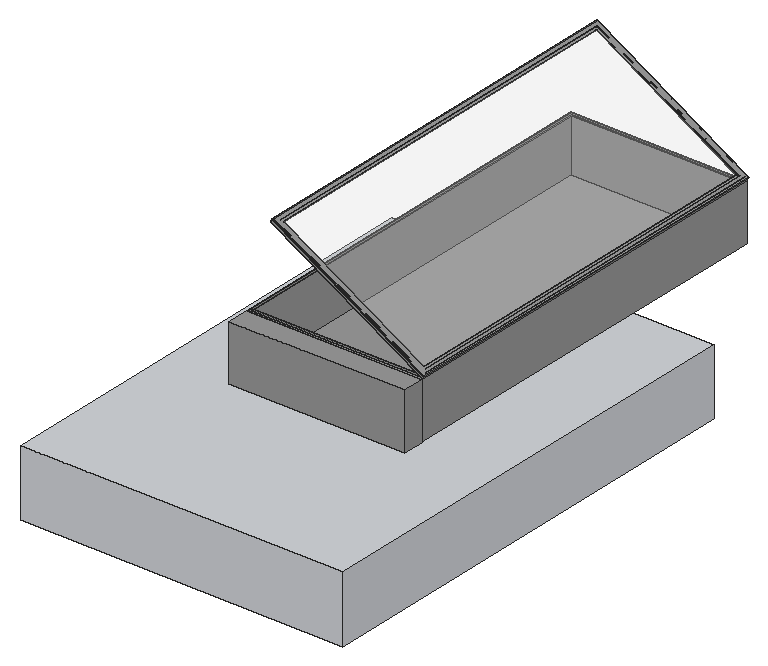
Revit family "Hager-Univers-IP55-D275-H1950-Cl.I-Steel_encl-NoHosted-AT-de", category Equipement électrique, Revit 2020
Family settings
  Hôte = Face
  Configuration du panneau = Deux colonnes, circuits au sein
  Cote de connecteur circulaire = Utiliser le diamètre
  Type d'élément = Tableau de raccordement
  Couper avec des vides une fois chargée = Non
  Partagée = Non
  Point de calcul de pièce = Non
Parameters (values of type "Bodenaufstellung IP55 B800 H1950 T275  - FR23K1")
  Width Control [instance] = if([EF000008 - Breite] > Min Width, [EF000008 - Breite], Min Width)  # 800 mm
  Commentaires du type = [HG000003 - Bereich]  # "Univers"
  Thickness Door [instance] = if([EF009171 - Materialstärke Tür/Deckel] > 3 mm, 3 mm, [EF009171 - Materialstärke Tür/Deckel])  # 1.5 mm
  Seal Frame Offset [instance] = 17 mm  # constant formula
  Plinth Visibility [instance] = [HG000027 - Sockelhöhe] > 0 mm  # yes
  Model = ""
  Min Width [instance] = 100 mm  # constant formula
  Min Height [instance] = 100 mm  # constant formula
  Min Depth [instance] = (2 * [EF009170 - Materialstärke Gehäuse]) + 1 mm  # 4 mm
  Internal Frame Depth [instance] = (Door System Depth * 0.5)  # 9 mm
  Height Control [instance] = if([EF000040 - Höhe] > Min Height, [EF000040 - Höhe], Min Height)  # 1950 mm
  HG000027 - Sockelhöhe = 100 mm
  HG000026 - Stehend auf dem Boden = yes
  HG000024 - Höhe des unteren Teils = 800 mm
  HG000023 - Gehäuse mit doppeltem Querschnitt = no
  HG000016 - 3D-Türsichtbarkeit [instance] = yes
  HG000015 - Sichtbarkeit der Türöffnung [instance] = no
  HG000014 - Tür rechts [instance] = yes
  HG000013 - Tür links [instance] = not([HG000014 - Tür rechts])  # no
  HG000012 - Türschwenkwinkel [instance] = 30.00°
  HG000010 - Asymmetrische Türen = no
  HG000009 - Doppelflügeligen Tür = no
  HG000006 - Unterputz = no
  HG000004 - Herstellerreferenz = "FR23K1"
  HG000003 - Bereich = "Univers"
  HG000002 - Mit tür = yes
  Frame Offset Bottom [instance] = 10 mm  # constant formula
  Frame Offset [instance] = 15 mm  # constant formula
  EF015940 - Deckel mit Überdruckentlastung = no
  EF011959 - Schutzart (NEMA) = ""
  EF009554 - Anzahl der Öffnungen für Flanschplatten = 6
  Fabricant = "Hager"  # constant formula
  EF009212 - Ausführung Deckel = "EV000116 - geschlossen"
  EF009171 - Materialstärke Tür/Deckel = 1.5 mm
  EF009170 - Materialstärke Gehäuse = 1.5 mm
  EF008873 - Nennstrom (In) = 800 A
  EF007800 - Geeignet für Blitzschutz = no
  EF006306 - Mit Schloss = no
  EF006244 - Transparenter Deckel/Tür = yes
  EF005474 - Schutzart (IP) = "EV006420 - IP55"
  EF004464 - Art der Tür = "EV002646 - Einzel"
  EF004427 - Anzahl der Module = 432
  EF004293 - Schlagfestigkeit = "EV008784 - IK10"
  EF003532 - Geeignet für Außengebrauch = no
  EF002950 - Breite in Teilungseinheiten = 24
  EF001613 - Funktionserhalt = "EV000494 - ohne"
  EF001596 - Werkstoff des Gehäuses = "EV000179 - Stahl"
  EF001131 - Innentiefe = 275 mm
  EF001088 - Anbaumöglichkeit = yes
  EF000437 - Anzahl der Leitungseinführungen = 6
  EF000339 - Art der Abdeckung = "EV004216 - Tür"
  EF000266 - Anzahl der Reihen = 12
  EF000218 - Einbautiefe = 0 mm
  EF000118 - Mit Montageplatte = no
  EF000116 - RAL-Nummer = "7035"
  EF000049 - Tiefe = 275 mm
  EF000040 - Höhe = 1950 mm
  EF000008 - Breite = 800 mm
  EF000007 - Farbe = "EV000270 - grau"
  EF000003 - Montageart = "EV012274 - Bodenaufstellung"
  Door System Leaf Tolerance [instance] = 1.5 mm  # constant formula
  Door System Depth [instance] = 18 mm  # constant formula
  Door Height [instance] = Height Control - [HG000027 - Sockelhöhe]  # 1850 mm
  Depth Control [instance] = if([EF000049 - Tiefe] > Min Depth, [EF000049 - Tiefe], Min Depth)  # 275 mm
  Default Elevation = 0 mm
  Connector Offset [instance] = Height Control / 2  # 975 mm
  Bottom Top Plate Trim [instance] = 1.5 mm  # constant formula
  Plinth height Ctrl [instance] = if([HG000027 - Sockelhöhe] > 0 mm, [HG000027 - Sockelhöhe], 12 mm)  # 100 mm
Types (11, lengths in mm): name | Width Control | HG000010 - Asymmetrische Türen | HG000009 - Doppelflügeligen Tür | HG000004 - Herstellerreferenz | EF009554 - Anzahl der Öffnungen für Flanschplatten | EF006244 - Transparenter Deckel/Tür | EF004464 - Art der Tür | EF004427 - Anzahl der Module | EF000437 - Anzahl der Leitungseinführungen | EF000008 - Breite
  Bodenaufstellung IP55 B1050 H1950 T275  - FR24E1 | 1050 | yes | yes | "FR24E1" | 8 | no | "EV003602 - Doppel" | 576 | 8 | 1050
  Bodenaufstellung IP55 B1050 H1950 T275  - FR24K1 | 1050 | yes | yes | "FR24K1" | 8 | yes | "EV003602 - Doppel" | 576 | 8 | 1050
  Bodenaufstellung IP55 B1300 H1950 T275  - FR25E1 | 1300 | yes | yes | "FR25E1" | 10 | no | "EV003602 - Doppel" | 720 | 10 | 1300
  Bodenaufstellung IP55 B1300 H1950 T275  - FR25K1 | 1300 | yes | yes | "FR25K1" | 10 | yes | "EV003602 - Doppel" | 720 | 10 | 1300
  Bodenaufstellung IP55 B1550 H1950 T275  - FR26E1 | 1550 | yes | yes | "FR26E1" | 12 | no | "EV003602 - Doppel" | 864 | 12 | 1550
  Bodenaufstellung IP55 B1550 H1950 T275  - FR26K1 | 1550 | yes | yes | "FR26K1" | 12 | yes | "EV003602 - Doppel" | 864 | 12 | 1550
  Bodenaufstellung IP55 B300 H1950 T275  - FR21E1 | 300 | no | no | "FR21E1" | 2 | no | "EV002646 - Einzel" | 144 | 2 | 300
  Bodenaufstellung IP55 B550 H1950 T275  - FR22E1 | 550 | no | no | "FR22E1" | 4 | no | "EV002646 - Einzel" | 288 | 4 | 550
  Bodenaufstellung IP55 B550 H1950 T275  - FR22K1 | 550 | no | no | "FR22K1" | 4 | yes | "EV002646 - Einzel" | 288 | 4 | 550
  Bodenaufstellung IP55 B800 H1950 T275  - FR23E1 | 800 | no | no | "FR23E1" | 6 | no | "EV002646 - Einzel" | 432 | 6 | 800
  Bodenaufstellung IP55 B800 H1950 T275  - FR23K1 | 800 | no | no | "FR23K1" | 6 | yes | "EV002646 - Einzel" | 432 | 6 | 800
Reference planes
  plane 1 "Center (Front/Back)": y = 0
  plane 2: z = 0
  plane 3 "Center (Left/Right)": x = 0
  plane 4: z = 275
  plane 5: y = 101.5
  plane 6: y = 1025
  plane 7: y = 100
  plane 8: y = 1950
  plane 9: z = 0
  plane 10: x = -385
  plane 11: x = 385
  plane 12: x = 383.5
  plane 13: x = -383.5
  plane 14: y = 1948.5
  plane 15: x = -383
  plane 16: x = -400
  plane 17: x = 383
  plane 18: x = 400
  plane 19: x = 398.5
  plane 20: x = -398.5
  plane 21: y = 111.5
  plane 22: y = 1950
  plane 23: y = 1933.5
  plane 24: z = 257
  plane 25: z = 1.5
  plane 26: z = 255.5
  plane 27: z = 273.5
Forms (mm)
  Extrusion 1, solid
    sketch origin (0, 0, 0) x (1, 0, 0) y (0, 1, 0)
      loop
        line (-702.964, 1305) -> (-702.964, -811.445) -> (766.763, -811.445) -> (766.763, 1305) -> (-702.964, 1305)
    from 0 to -304.8
  Extrusion 2, solid, material "Hager_Steel_RAL7035_Light_Grey", visible <- "Plinth Visibility", detail levels medium+fine
    sketch origin (0, 0, 0) x (1, 0, 0) y (0, 1, 0)
      loop
        line (-400, 0) -> (400, 0) -> (400, 100) -> (-400, 100) -> (-400, 0)
    from 0 to 257
  Extrusion 3, solid, material "Hager_Steel_RAL7035_Light_Grey", detail levels medium+fine
    sketch origin (0, 0, 0) x (1, 0, 0) y (0, 1, 0)
      loop
        line (-400, 100) -> (400, 100) -> (400, 1950) -> (-400, 1950) -> (-400, 100)
    from 0 to 257
  Extrusion 4, void
    sketch origin (0, 0, 0) x (1, 0, 0) y (0, 1, 0)
      loop
        line (-398.5, 101.5) -> (398.5, 101.5) -> (398.5, 1948.5) -> (-398.5, 1948.5) -> (-398.5, 101.5)
    from 1.5 to 255.5
  Extrusion 5, void
    sketch origin (-381.607, -4572, 257) x (0, -1, 0) y (-1, 0, 0)
      loop
        line (-4683.5, 1.893) -> (-6505.5, 1.893) -> (-6505.5, -765.107) -> (-4683.5, -765.107) -> (-4683.5, 1.893)
    from 0 to 1.5 <- "EF009170 - Materialstärke Gehäuse"
  Extrusion 6, solid, material "Hager_Steel_RAL7035_Light_Grey", detail levels fine
    sketch origin (0, 0, 257) x (1, 0, 0) y (0, 1, 0)
      loop
        line (-383.5, 1933.5) -> (-383.5, 111.5) -> (383.5, 111.5) -> (383.5, 1933.5) -> (-383.5, 1933.5)
      loop
        line (-385, 110) -> (385, 110) -> (385, 1935) -> (-385, 1935) -> (-385, 110)
    from 0 to 9 <- "Internal Frame Depth"
  Extrusion 7, solid, material "Hager_Steel_RAL7035_Light_Grey", detail levels coarse
    sketch origin (0, 0, 0) x (1, 0, 0) y (0, 1, 0)
      loop
        line (-400, 0) -> (400, 0) -> (400, 1950) -> (-400, 1950) -> (-400, 0)
    from 0 to 275
  Sweep 8, void
    path in 3D
      loop
        line (-400, 100, 0) -> (400, 100, 0) -> (400, 100, 257) -> (-400, 100, 257) -> (-400, 100, 0)
    profile origin (-400, 100, 128.5) x (-1, 0, 0) y (0, -1, 0)
      loop
        line (0, 0) -> (0, 1.5) -> (-1.5, 1.5)
        arc (-1.5, 1.5) -> (-1.061, 0.439) -> (0, 0) r 1.5
Cuts and joins
  Extrusion 4, Extrusion 5 cuts Extrusion 3
  Sweep 8 cuts Extrusion 2
Lines and regions (mm)
  Masking region 1
    outline origin (0, 0, 0) x (1, 0, 0) y (0, 0, 1)
      loop
        line (-400, 275) -> (-400, 0) -> (400, 0) -> (400, 275) -> (-400, 275)
  Masking region 2, detail levels medium+fine
    outline origin (0, 140, 0) x (0, 1, 0) y (0, 0, 1)
      loop
        line (-40, 0) -> (1810, 0) -> (1810, 257) -> (-40, 257) -> (-40, 0)
  Masking region 3, not visible, detail levels medium+fine
    outline origin (0, 297.922, 0) x (0, 1, 0) y (0, 0, 1)
      loop
        line (738.578, 0) -> (778.578, 0) -> (778.578, 263.5)
        arc (778.578, 263.5) -> (775.649, 270.571) -> (768.578, 273.5) r 10
        line (768.578, 273.5) -> (738.578, 273.5) -> (738.578, 0)
  Masking region 4, detail levels coarse
    outline origin (0, 0, 180) x (0, 1, 0) y (0, 0, 1)
      loop
        line (0, -180) -> (1950, -180) -> (1950, 95) -> (0, 95) -> (0, -180)
  Masking region 5, visible <- "Plinth Visibility", detail levels medium+fine
    outline origin (0, 52.24, 12.345) x (0, 0, -1) y (0, 1, 0)
      loop
        line (10.845, 47.76) -> (-243.155, 47.76)
        arc (-243.155, 47.76) -> (-243.594, 46.699) -> (-244.655, 46.26) r 1.5
        line (-244.655, 46.26) -> (-244.655, -52.24) -> (12.345, -52.24) -> (12.345, 46.26)
        arc (12.345, 46.26) -> (11.285, 46.699) -> (10.845, 47.76) r 1.5
  Masking region 6, detail levels medium+fine
    outline origin (-381.607, -4572, 257) x (-1, 0, 0) y (0, -1, 0)
      loop
        line (18.393, -6522) -> (18.393, -4672) -> (-781.607, -4672) -> (-781.607, -6522) -> (18.393, -6522)
  Masking region 7, visible <- "Plinth Visibility", detail levels medium+fine
    outline origin (-381.607, -4727, 257) x (-1, 0, 0) y (0, -1, 0)
      loop
        arc (16.893, -4827) -> (17.332, -4825.939) -> (18.393, -4825.5) r 1.5
        line (18.393, -4825.5) -> (18.393, -4727) -> (-781.607, -4727) -> (-781.607, -4825.5)
        arc (-781.607, -4825.5) -> (-780.546, -4825.939) -> (-780.107, -4827) r 1.5
        line (-780.107, -4827) -> (16.893, -4827)
  Masking region 8, detail levels coarse
    outline origin (-442.548, -4669.526, 257) x (-1, 0, 0) y (0, -1, 0)
      loop
        line (-42.548, -6619.526) -> (-42.548, -4669.526) -> (-842.548, -4669.526) -> (-842.548, -6619.526) -> (-42.548, -6619.526)
  sketch lines
    curve 1: line (-400, 100, 257) -> (-400, 100, 0)
    curve 2: line (400, 100, 257) -> (-400, 100, 257)
    curve 3: line (400, 100, 257) -> (400, 100, 0)
    curve 4: line (-400, 100, 0) -> (400, 100, 0)
Dimensions and locks
  "Depth Control": plane 4 to Extrusion 1
  "HG000027 - Sockelhöhe": plane 1 "Center (Front/Back)" to plane 7
  "EF009170 - Materialstärke Gehäuse": plane 5 to plane 7
  locked: connector elem to plane 3 "Center (Left/Right)"
  equal spacing: plane 8, plane 6, plane 7
  locked: connector elem to plane 6
  "EF009170 - Materialstärke Gehäuse": plane 8 to plane 14
  "EF009170 - Materialstärke Gehäuse": plane 10 to plane 13
  "EF009170 - Materialstärke Gehäuse": plane 12 to plane 11
  "Frame Offset": plane 20 to plane 13
  "Frame Offset": plane 12 to plane 19
  "EF009170 - Materialstärke Gehäuse": plane 16 to plane 20
  "EF009170 - Materialstärke Gehäuse": plane 19 to plane 18
  "Seal Frame Offset": plane 16 to plane 15
  "Seal Frame Offset": plane 17 to plane 18
  "Frame Offset Bottom": plane 21 to plane 5
  "Frame Offset": plane 14 to plane 23
  equal spacing: plane 16, plane 3 "Center (Left/Right)", plane 18
  "Width Control": plane 16 to plane 18
  "EF009170 - Materialstärke Gehäuse": plane 4 to plane 27
  "EF009170 - Materialstärke Gehäuse": plane 24 to plane 26
  "EF009170 - Materialstärke Gehäuse": plane 25 to level
  "Door System Depth": plane 4 to plane 24
  "Height Control": plane 1 "Center (Front/Back)" to Extrusion 7 sketch curve
  "Height Control": Masking region 4 sketch curve to plane 1 "Center (Front/Back)"
  "Height Control": plane 1 "Center (Front/Back)" to plane 22
  "Bottom Top Plate Trim": profile plane to Sweep 8 sketch curve
  "Bottom Top Plate Trim": Sweep 8 sketch curve to profile plane
  "Plinth height Ctrl": plane 1 "Center (Front/Back)" to Extrusion 2 sketch curve
  "Plinth height Ctrl": Masking region 5 sketch curve to plane 1 "Center (Front/Back)"
  "Plinth height Ctrl": plane 1 "Center (Front/Back)" to Masking region 7 sketch curve
  "Thickness Door": Extrusion 6 sketch curve to Extrusion 6 sketch curve  (x3)
  "Thickness Door": cut or joined group of Extrusion 3, Extrusion 4, Extrusion 5 to Extrusion 6 sketch curve
  radius of Masking region 3 sketch curve = 10 mm
  "Bottom Top Plate Trim": radius of Masking region 5 sketch curve  (x2)
  "Bottom Top Plate Trim": radius of Sweep 8 sketch curve
  "Bottom Top Plate Trim": radius of Masking region 7 sketch curve  (x2)
  aligned and locked: plane 2 to Extrusion 1
  aligned and locked: level to Extrusion 1
  aligned and locked: level to Masking region 1 sketch curve
  aligned and locked: Masking region 1 sketch curve to plane 18
  aligned and locked: Masking region 1 sketch curve to plane 16
  aligned and locked: plane 7 to Masking region 2 sketch curve
  aligned and locked: level to Masking region 3 sketch curve
  aligned and locked: Masking region 3 sketch curve to plane 27
  aligned and locked: level to Masking region 2 sketch curve
  aligned and locked: plane 1 "Center (Front/Back)" to Extrusion 2 sketch curve
  aligned and locked: Extrusion 3 sketch curve to plane 7
  aligned and locked: plane 16 to Extrusion 3 sketch curve
  aligned and locked: plane 18 to Extrusion 3 sketch curve
  aligned and locked: plane 20 to Extrusion 4 sketch curve
  aligned and locked: plane 19 to Extrusion 4 sketch curve
  aligned and locked: Extrusion 4 sketch curve to plane 5
  aligned and locked: Extrusion 4 to plane 25
  aligned and locked: plane 26 to Extrusion 4
  aligned and locked: plane 24 to Extrusion 3
  aligned and locked: Extrusion 5 sketch curve to plane 21
  aligned and locked: Extrusion 5 sketch curve to plane 13
  aligned and locked: Extrusion 5 sketch curve to plane 12
  aligned and locked: plane 18 to Extrusion 7 sketch curve
  aligned and locked: plane 1 "Center (Front/Back)" to Extrusion 7 sketch curve
  aligned and locked: plane 16 to Extrusion 7 sketch curve
  aligned and locked: plane 4 to Extrusion 7
  aligned and locked: Extrusion 7 to level
  aligned and locked: level to Masking region 4 sketch curve
  aligned and locked: Masking region 4 sketch curve to plane 1 "Center (Front/Back)"
  aligned and locked: Masking region 4 sketch curve to plane 4
  aligned and locked: nested 1 to level
  aligned and locked: nested 1 to plane 16
  aligned and locked: plane 8 to Extrusion 3 sketch curve
  aligned and locked: plane 23 to Extrusion 5 sketch curve
  aligned and locked: plane 14 to Extrusion 4 sketch curve
  aligned and locked: Masking region 2 sketch curve to plane 8
  aligned and locked: level to Masking region 5 sketch curve
  aligned and locked: plane 16 to Extrusion 2 sketch curve
  aligned and locked: plane 18 to Extrusion 2 sketch curve
  aligned and locked: Masking region 5 sketch curve to plane 24
  aligned and locked: Masking region 2 sketch curve to plane 24
  aligned and locked: plane 24 to Extrusion 2
  aligned and locked: profile plane to Sweep 8 sketch curve  (x2)
  aligned and locked: Masking region 6 sketch curve to plane 18
  aligned and locked: Masking region 6 sketch curve to plane 22
  aligned and locked: Masking region 6 sketch curve to plane 16
  aligned and locked: plane 8 to plane 22
  aligned and locked: Masking region 6 sketch curve to plane 7
  aligned and locked: Masking region 7 sketch curve to plane 16
  aligned and locked: Masking region 7 sketch curve to plane 1 "Center (Front/Back)"
  aligned and locked: Masking region 7 sketch curve to plane 18
  aligned and locked: Masking region 8 sketch curve to plane 1 "Center (Front/Back)"
  aligned and locked: Masking region 8 sketch curve to plane 18
  aligned and locked: Masking region 8 sketch curve to plane 22
  aligned and locked: Masking region 8 sketch curve to plane 16
  aligned and locked: nested 2 to plane 7
  aligned and locked: plane 3 "Center (Left/Right)" to nested 2
  aligned and locked: nested 2 to plane 24
  aligned and locked: Extrusion 6 sketch curve to cut or joined group of Extrusion 3, Extrusion 4, Extrusion 5  (x4)
Automatic sketch dimensions
  Extrusion 1 sketch curve to Extrusion 1 sketch curve = 1469.727 mm
  Extrusion 1 sketch curve to Extrusion 1 sketch curve = 2116.445 mm
  Masking region 1 sketch curve to plane 4 = 0 mm
  plane 6 to Masking region 3 sketch curve = 11.5 mm
  Masking region 3 sketch curve to Masking region 3 sketch curve = 30 mm
  Masking region 5 sketch curve to plane 1 "Center (Front/Back)" = 0 mm
Nested families
  nested 1: "Hager_Enclosure_Symbol" at (-400, 0, 0) x (1, 0, 0) z (0, -1, 0), Height <- "Depth Control", Width <- "Width Control", type "Hager_Enclosure_Symbol"
    with Width_Ctrl 800 mm, Width 800 mm, Height_Ctrl 275 mm, Height 275 mm, A_Width_Int 18.047 mm, A_Width 216.562 mm, A_Height_Ctrl 240.625 mm, A_Height 240.625 mm
  nested 2: "EC000058_Univers_Door" at (0, 100, 257) x (1, 0, 0) z (0, 1, 0), Leaf_Tolerance <- "Door System Leaf Tolerance", Angle <- "HG000012 - Türschwenkwinkel", Door_Depth <- "Door System Depth", Door_Left <- "HG000013 - Tür links", Transparent <- "EF006244 - Transparenter Deckel/Tür", Assymetrical <- "HG000010 - Asymmetrische Türen", Width <- "Width Control", Clearance <- "HG000015 - Sichtbarkeit der Türöffnung", Double <- "HG000009 - Doppelflügeligen Tür", 3d_Door <- "HG000016 - 3D-Türsichtbarkeit", Lock_Visibility <- "EF006306 - Mit Schloss", Width_Ctrl <- "Width Control", Door_Right <- "HG000014 - Tür rechts", Door <- "HG000002 - Mit tür", Height <- "Door Height", Thickness <- "Thickness Door", type "EC000058_Univers_Door", detail levels medium+fine
    with min_wh 4 mm, Width_Ctrl 800 mm, Width 800 mm, Transparent yes, Thickness 1.5 mm, Seal_Material Hager_Rubber, Lock_Visibility no, Lock_Material Hager_Plastic_RAL9005_Jet_Black, Leaf_Width 800 mm, Leaf_Tolerance_External_Sides 0 mm, Leaf_Tolerance 1.5 mm, Leaf_Offset 0 mm, Leaf_Height 1847 mm, Leaf_2_Width 800 mm, Leaf_2_Offset 400 mm, Leaf_1_Width 800 mm, Leaf_1_Offset 400 mm, Height_Ctrl 1850 mm, Height 1850 mm, Glass_Material Hager_Glass, Double_Clearance_Ctrl no, Double no, Door_Right_Ctrl yes, Door_Right yes, Door_Material Hager_Steel_RAL7035_Light_Grey, Door_Left_Ctrl no, Door_Left no, Door_Depth 18 mm, Door yes, Clearance_Material Hager_Clearance, Clearance_Depth 800 mm, Clearance_Ctrl no, Clearance no, Assymetrical no, Angle 30.00°, 3d_Door yes
Connectors
  electrical at (0, 1025, 0)
    settings: on plane 9, index 1, voltage 0 V, apparent load 0 VA, apparent load phase1 0 VA, apparent load phase2 0 VA, apparent load phase3 0 VA, power factor 1, load classification "Other", number of poles 1, system type 30, power factor state 1, is connector primary yes, connector utility no, sub classification motor no, connector description ""
Definition of nested family "EC000058_Univers_Door"
  Parameters (values of type "EC000058_Univers_Door")
    min_wh [instance] = (2 * Thickness) + 1 mm  # 11 mm
    Width_Ctrl [instance] = 400 mm
    Width [instance] = 500 mm
    Transparent [instance] = yes
    Thickness [instance] = 5 mm
    Seal_Material [instance] = none
    Lock_Visibility [instance] = yes
    Lock_Material [instance] = none
    Leaf_Width [instance] = if((Width_Ctrl - 2 * Leaf_Tolerance_External_Sides) > 0 mm, (Width_Ctrl - 2 * Leaf_Tolerance_External_Sides), min_wh)  # 400 mm
    Leaf_Tolerance_External_Sides [instance] = 0 mm  # constant formula
    Leaf_Tolerance [instance] = 1.5 mm
    Leaf_Offset [instance] = 0 mm  # constant formula
    Leaf_Height [instance] = if((Height_Ctrl - 2 * Leaf_Tolerance) > 0 mm, (Height_Ctrl - 2 * Leaf_Tolerance), min_wh)  # 497 mm
    Leaf_2_Width [instance] = if(and(and(Double, Assymetrical), Door_Left), (Leaf_Width / 3) - (Leaf_Tolerance / 2), if(and(and(Double, Assymetrical), Door_Right), (Leaf_Width / 3) * 2 - (Leaf_Tolerance / 2), if(and(Double, not(Assymetrical)), (Leaf_Width / 2) - Leaf_Tolerance, Leaf_Width)))  # 400 mm
    Leaf_2_Offset [instance] = if(and(Double, Assymetrical), Leaf_2_Width / 2, if(and(Double, not(Assymetrical)), Leaf_Width / 4, Leaf_Width / 2))  # 200 mm
    Leaf_1_Width [instance] = if(and(and(Double, Assymetrical), Door_Right), (Leaf_Width / 3) - (Leaf_Tolerance / 2), if(and(and(Double, Assymetrical), Door_Left), (Width / 3) * 2 - (Leaf_Tolerance / 2), if(and(Double, not(Assymetrical)), (Leaf_Width / 2) - Leaf_Tolerance, Leaf_Width)))  # 400 mm
    Leaf_1_Offset [instance] = if(and(Double, Assymetrical), Leaf_1_Width / 2, if(and(Double, not(Assymetrical)), Leaf_Width / 4, Leaf_Width / 2))  # 200 mm
    Height_Ctrl [instance] = if(Height > min_wh, Height, min_wh)  # 500 mm
    Height [instance] = 500 mm
    Glass_Material [instance] = none
    Double_Clearance_Ctrl [instance] = and(Double, Clearance)  # no
    Double [instance] = no
    Door_Right_Ctrl [instance] = and(or(Door_Right, Double), Door)  # yes
    Door_Right [instance] = yes
    Door_Material [instance] = none
    Door_Left_Ctrl [instance] = and(or(Door_Left, Double), Door)  # no
    Door_Left [instance] = no
    Door_Depth [instance] = 30 mm
    Door [instance] = yes
    Default Elevation = 1219.2 mm
    Clearance_Material [instance] = none
    Clearance_Depth [instance] = if(Leaf_1_Width > Leaf_2_Width, Leaf_1_Width, Leaf_2_Width)  # 400 mm
    Clearance_Ctrl [instance] = and(not(Double), Clearance)  # yes
    Clearance [instance] = yes
    Assymetrical [instance] = yes
    Angle [instance] = 30.00°
    3d_Door [instance] = yes
  Reference planes
    plane 1 "Center (Front/Back)": y = 0
    plane 2 "Bottom": z = 0
    plane 3 "Center (Left/Right)": x = 0
    plane 4: z = 500
    plane 5: x = -200
    plane 6: x = 200
    plane 7: z = 500
    plane 8: x = -200
    plane 9: z = 0
    plane 10: x = 200
    plane 11: y = 0
    plane 12: z = 1.5
    plane 13: x = -600
    plane 14: y = -400
    plane 15: x = 600
    plane 16: x = 0
    plane 17: x = 0
    plane 18: x = -200
    plane 19: x = 200
    plane 20: z = 498.5
  Forms (mm)
    Extrusion 1, solid, material <- "Clearance_Material", visible <- "Double_Clearance_Ctrl"
      sketch origin (1200, 0, 0) x (1, 0, 0) y (0, 0, -1)
        loop
          line (-1800, -498.5) -> (-600, -498.5) -> (-600, 0) -> (-1800, 0) -> (-1800, -498.5)
      from 0 to -400
  Dimensions and locks
    equal spacing: plane 5, plane 3 "Center (Left/Right)", plane 6
    "Width_Ctrl": plane 5 to plane 6
    "Leaf_Offset": plane 5 to plane 8
    "Leaf_Offset": plane 6 to plane 10
    "Leaf_Offset": plane 9 to level
    "Leaf_Offset": plane 4 to plane 7
    "Height_Ctrl": plane 4 to level
    "Leaf_Tolerance": plane 12 to plane 9
    locked: plane 11 to plane 1 "Center (Front/Back)"
    "Leaf_1_Offset": plane 18 to plane 16
    "Leaf_2_Offset": plane 17 to plane 19
    "Leaf_1_Width": plane 13 to plane 8
    "Leaf_2_Width": plane 10 to plane 15
    "Clearance_Depth": plane 14 to plane 1 "Center (Front/Back)"
    "Leaf_Tolerance_External_Sides": plane 8 to plane 18
    "Leaf_Tolerance_External_Sides": plane 19 to plane 10
    "Leaf_Tolerance": plane 7 to plane 20
    aligned and locked: level to plane 2 "Bottom"
    aligned and locked: nested 1 to plane 16
    aligned and locked: nested 2 to plane 17
    aligned and locked: Extrusion 1 to plane 13
    aligned and locked: plane 15 to Extrusion 1
    aligned and locked: Extrusion 1 to plane 14
    aligned and locked: plane 12 to nested 1
    aligned and locked: nested 2 to plane 12
    aligned and locked: Extrusion 1 to plane 11
    aligned and locked: plane 20 to Extrusion 1
    aligned and locked: nested 2 to plane 11
    aligned and locked: nested 1 to plane 11
  Automatic sketch dimensions
    Extrusion 1 sketch curve to level = 0 mm
    plane 5 to Extrusion 1 sketch curve = 400 mm
    plane 6 to Extrusion 1 sketch curve = 400 mm
    Extrusion 1 sketch curve to plane 4 = 1.5 mm
  Nested families
    nested 1: "EC000058_Univers_Door_Leaf" at (0, 0, 1.5), Width <- "Leaf_1_Width", visible <- "Door_Left_Ctrl", Leaf_Height <- "Leaf_Height", Angle <- "Angle", 3d_Door <- "3d_Door", Transparent <- "Transparent", Clearance Material <- "Clearance_Material", Clearance <- "Clearance_Ctrl", Door_Material <- "Door_Material", Glass_Material <- "Glass_Material", Door_Depth <- "Door_Depth", Lock_Material <- "Lock_Material", Seal_Material <- "Seal_Material", Lock_Visibility <- "Lock_Visibility", Thickness <- "Thickness", type "EC000058_Univers_Door_Leaf"
      with Width 400 mm, Transparent_Glass_Offset 30 mm, Transparent_Ctrl yes, Transparent yes, Thickness 5 mm, Standard no, Seal_Material none, Seal_D2 8 mm, Seal_D1 1 mm, Offset_Internal_Frame 10 mm, Lock_Width 20 mm, Lock_Visibility_3d yes, Lock_Visibility yes, Lock_Thickness_3 3 mm, Lock_Thickness_2 1 mm, Lock_Thickness_1 3 mm, Lock_Radius_Offset_2 16 mm, Lock_Radius_Offset_1 15 mm, Lock_Radius_2 5 mm, Lock_Radius 6 mm, Lock_Offset 5 mm, Lock_Material none, Lock_Height 80 mm, Lock_Cover_Top_Offset_2d 17 mm, Lock_Cover_Height -65 mm, Leaf_Height 497 mm, Internal_Seal_Thickness 8 mm, Internal_Seal_Depth_2 4.5 mm, Internal_Frame_Depth 25 mm, Glass_Thickness -1 mm, Glass_Offset -2 mm, Glass_Material none, Door_Material none, Door_Depth 30 mm, Clearance Material none, Clearance yes, Angle_Ctrl 30.00°, Angle 30.00°, 3d_Door yes
    nested 2: "EC000058_Univers_Door_Leaf" at (0, 0, 1.5) x (-1, 0, 0) z (0, 0, 1), Width <- "Leaf_2_Width", visible <- "Door_Right_Ctrl", Leaf_Height <- "Leaf_Height", Angle <- "Angle", 3d_Door <- "3d_Door", Transparent <- "Transparent", Clearance Material <- "Clearance_Material", Clearance <- "Clearance_Ctrl", Door_Material <- "Door_Material", Glass_Material <- "Glass_Material", Door_Depth <- "Door_Depth", Lock_Material <- "Lock_Material", Seal_Material <- "Seal_Material", Lock_Visibility <- "Lock_Visibility", Thickness <- "Thickness", type "EC000058_Univers_Door_Leaf"
      with Width 400 mm, Transparent_Glass_Offset 30 mm, Transparent_Ctrl yes, Transparent yes, Thickness 5 mm, Standard no, Seal_Material none, Seal_D2 8 mm, Seal_D1 1 mm, Offset_Internal_Frame 10 mm, Lock_Width 20 mm, Lock_Visibility_3d yes, Lock_Visibility yes, Lock_Thickness_3 3 mm, Lock_Thickness_2 1 mm, Lock_Thickness_1 3 mm, Lock_Radius_Offset_2 16 mm, Lock_Radius_Offset_1 15 mm, Lock_Radius_2 5 mm, Lock_Radius 6 mm, Lock_Offset 5 mm, Lock_Material none, Lock_Height 80 mm, Lock_Cover_Top_Offset_2d 17 mm, Lock_Cover_Height -65 mm, Leaf_Height 497 mm, Internal_Seal_Thickness 8 mm, Internal_Seal_Depth_2 4.5 mm, Internal_Frame_Depth 25 mm, Glass_Thickness -1 mm, Glass_Offset -2 mm, Glass_Material none, Door_Material none, Door_Depth 30 mm, Clearance Material none, Clearance yes, Angle_Ctrl 30.00°, Angle 30.00°, 3d_Door yes
  Definition of nested family "EC000058_Univers_Door_Leaf"
    Parameters (values of type "EC000058_Univers_Door_Leaf")
      Width [instance] = 2000 mm
      Transparent_Glass_Offset [instance] = 30 mm
      Transparent_Ctrl [instance] = and(Transparent, [3d_Door])  # yes
      Transparent [instance] = yes
      Thickness [instance] = 5 mm
      Standard [instance] = and(not(Transparent), [3d_Door])  # no
      Seal_Material [instance] = none
      Seal_D2 [instance] = 8 mm  # constant formula
      Seal_D1 [instance] = 1 mm  # constant formula
      Offset_Internal_Frame [instance] = 10 mm  # constant formula
      Lock_Width [instance] = 20 mm  # constant formula
      Lock_Visibility_3d [instance] = and(Lock_Visibility, [3d_Door])  # yes
      Lock_Visibility [instance] = yes
      Lock_Thickness_3 [instance] = 3 mm  # constant formula
      Lock_Thickness_2 [instance] = 1 mm  # constant formula
      Lock_Thickness_1 [instance] = 3 mm  # constant formula
      Lock_Radius_Offset_2 [instance] = Lock_Radius_Offset_1 + 1 mm  # 16 mm
      Lock_Radius_Offset_1 [instance] = 15 mm  # constant formula
      Lock_Radius_2 [instance] = Lock_Radius - 1 mm  # 5 mm
      Lock_Radius [instance] = 6 mm  # constant formula
      Lock_Offset [instance] = 5 mm  # constant formula
      Lock_Material [instance] = none
      Lock_Height [instance] = 80 mm  # constant formula
      Lock_Cover_Top_Offset_2d [instance] = Lock_Radius_Offset_2 + 1 mm  # 17 mm
      Lock_Cover_Height [instance] = -(Lock_Height - Lock_Radius_Offset_1)  # -65 mm
      Leaf_Height [instance] = 2720.336 mm
      Internal_Seal_Thickness [instance] = 8 mm  # constant formula
      Internal_Seal_Depth_2 [instance] = 4.5 mm  # constant formula
      Internal_Frame_Depth [instance] = if(Door_Depth - Thickness > 5 mm, Door_Depth - Thickness, 5 mm)  # 25 mm
      Glass_Thickness [instance] = if(Thickness > 15 mm, Glass_Offset + 10 mm, -1 mm)  # -1 mm
      Glass_Offset [instance] = if(Thickness > 15 mm, -(Thickness + 10 mm) / 2, -2 mm)  # -2 mm
      Glass_Material [instance] = none
      Door_Material [instance] = none
      Door_Depth [instance] = 30 mm
      Default Elevation = 0 mm
      Clearance Material [instance] = none
      Clearance [instance] = yes
      Angle_Ctrl [instance] = if(Angle > 180.00°, 180.00°, Angle)  # 90.00°
      Angle [instance] = 90.00°
      3d_Door [instance] = yes
    Reference planes
      plane 1 "Center (Front/Back)": y = 0
      plane 2: z = 0
      plane 3 "Center (Left/Right)": x = 0
      plane 4: y = 2000
      plane 5: x = -1000
      plane 6: x = 1000
      plane 7: x = -3000
      plane 8: z = 2720.336
      plane 9: z = 30
      plane 10: z = 2690.336
      plane 11: x = 970
      plane 12: x = -970
      plane 13: y = -3
      plane 14: z = 107.833
      plane 15: y = -5
      plane 16: y = -223.314
      plane 17: x = -1000
      plane 18: z = 1360.168
      plane 19: y = 30
    Forms (mm)
      Extrusion 1, solid, material <- "Clearance Material", visible <- "Clearance"
        sketch origin (0, 0, 0) x (1, 0, 0) y (0, 0, 1)
          loop
            line (-3000, 2720.336) -> (-3000, 0) -> (1000, 0) -> (1000, 2720.336) -> (-3000, 2720.336)
        from 0 to -2000
      Extrusion 2, solid, material <- "Door_Material", visible <- "Standard", detail levels medium+fine
        sketch origin (-1000, 0, 0) x (0, 1, 0) y (-1, 0, 0)
          loop
            line (0, 30) -> (0, 25) -> (2000, 25) -> (2000, 30) -> (0, 30)
        from 0 to 2720.336 <- "Leaf_Height"
      Extrusion 3, solid, material <- "Door_Material", visible <- "Transparent_Ctrl", detail levels medium+fine
        sketch origin (-1000, 0, 0) x (0, 1, 0) y (-1, 0, 0)
          loop
            line (0, 25) -> (2000, 25) -> (2000, 30) -> (0, 30) -> (0, 25)
        from 0 to 2720.336 <- "Leaf_Height"
      Extrusion 4, void
        sketch origin (-1025, 2000, 0) x (0, 1, 0) y (0, 0, -1)
          loop
            line (-30, -2690.336) -> (-30, -30) -> (-1970, -30) -> (-1970, -2690.336) -> (-30, -2690.336)
        from 0 to 5 <- "Thickness"
      Sweep 5, solid, material <- "Seal_Material", visible <- "Transparent_Ctrl", detail levels fine
        path in 3D
          loop
            line (-1025, 30, 30) -> (-1025, 30, 2690.336) -> (-1025, 1970, 2690.336) -> (-1025, 1970, 30) -> (-1025, 30, 30)
        profile origin (-1025, 1000, 30) x (1, 0, 0) y (0, 0, 1)
          loop
            line (0, 0) -> (0, -8) -> (1, -8) -> (1, 0) -> (0, 0)
      Extrusion 6, solid, material <- "Glass_Material", visible <- "Transparent_Ctrl", detail levels medium+fine
        sketch origin (-1030, 0, 0) x (0, 1, 0) y (0, 0, -1)
          loop
            line (1970, -2690.336) -> (1970, -30) -> (30, -30) -> (30, -2690.336) -> (1970, -2690.336)
        from -2 <- "Glass_Offset" to -1 <- "Glass_Thickness"
      Extrusion 7, solid, material <- "Door_Material", visible <- "3d_Door", detail levels medium+fine
        sketch origin (-1025, 2000, 0) x (0, -1, 0) y (0, 0, -1)
          loop
            line (0, -2720.336) -> (2000, -2720.336) -> (2000, 0) -> (0, 0) -> (0, -2720.336)
          loop
            line (1995, -5) -> (5, -5) -> (5, -2715.336) -> (1995, -2715.336) -> (1995, -5)
        from 0 to 25 <- "Internal_Frame_Depth"
      Sweep 8, solid, material <- "Seal_Material", visible <- "Transparent_Ctrl", detail levels fine
        path in 3D
          loop
            line (-1025, 0, 0) -> (-1025, 2000, 0) -> (-1025, 2000, 2720.336) -> (-1025, 0, 2720.336) -> (-1025, 0, 0)
        profile origin (-1025, 0, 1360.168) x (1, 0, 0) y (0, 1, 0)
          loop
            line (0, 10) -> (2.975, 10)
            arc (2.975, 10) -> (4.053, 10.447) -> (4.5, 11.525) r 1.525
            line (4.5, 11.525) -> (4.5, 16.527)
            arc (4.5, 16.527) -> (4.069, 17.569) -> (3.027, 18) r 1.473
            line (3.027, 18) -> (0, 18) -> (0, 10)
      Extrusion 9, solid, material <- "Lock_Material", visible <- "Lock_Visibility_3d", detail levels fine
        sketch origin (-1030, 0, 0) x (0, 1, 0) y (0, 0, -1)
          loop
            arc (1993.5, -1400.168) -> (1994.561, -1399.729) -> (1995, -1398.668) r 1.5
            line (1995, -1398.668) -> (1995, -1320.168) -> (1975, -1320.168) -> (1975, -1398.668)
            arc (1975, -1398.668) -> (1975.439, -1399.729) -> (1976.5, -1400.168) r 1.5
            line (1976.5, -1400.168) -> (1993.5, -1400.168)
        from 3 <- "Lock_Thickness_1" to 0
      Blend 10, solid, material <- "Lock_Material", visible <- "Lock_Visibility_3d", detail levels fine
        base sketch origin (-1033, 0, 0) x (0, 1, 0) y (0, 0, -1)
          loop
            line (1975, -1320.168) -> (1975, -1398.668)
            arc (1975, -1398.668) -> (1975.439, -1399.729) -> (1976.5, -1400.168) r 1.5
            line (1976.5, -1400.168) -> (1993.5, -1400.168)
            arc (1993.5, -1400.168) -> (1994.561, -1399.729) -> (1995, -1398.668) r 1.5
            line (1995, -1398.668) -> (1995, -1320.168) -> (1975, -1320.168)
        top sketch origin (-1033, 0, 0) x (0, 1, 0) y (0, 0, -1)
          loop
            line (1976, -1320.168) -> (1976, -1398.668)
            arc (1976, -1398.668) -> (1976.146, -1399.022) -> (1976.5, -1399.168) r 0.5
            line (1976.5, -1399.168) -> (1993.5, -1399.168)
            arc (1993.5, -1399.168) -> (1993.854, -1399.022) -> (1994, -1398.668) r 0.5
            line (1994, -1398.668) -> (1994, -1320.168) -> (1976, -1320.168)
        from 0 to 1 <- "Lock_Thickness_2"
      Blend 11, solid, material <- "Lock_Material", visible <- "Lock_Visibility_3d", detail levels fine
        base sketch origin (-1034, 0, 0) x (0, 1, 0) y (0, 0, -1)
          loop
            line (1978, -1320.168) -> (1978, -1384.168)
            arc (1978, -1384.168) -> (1985, -1391.168) -> (1992, -1384.168) r 7
            line (1992, -1384.168) -> (1992, -1320.168) -> (1978, -1320.168)
        top sketch origin (-1034, 0, 0) x (0, 1, 0) y (0, 0, -1)
          loop
            line (1991, -1320.168) -> (1979, -1320.168) -> (1979, -1383.168)
            arc (1979, -1383.168) -> (1985, -1389.168) -> (1991, -1383.168) r 6
            line (1991, -1383.168) -> (1991, -1320.168)
        from 0 to 3 <- "Lock_Thickness_3"
      Extrusion 12, solid, material <- "Lock_Material", visible <- "Lock_Visibility_3d", detail levels fine
        sketch origin (-1030, 1975, 1320.168) x (1, 0, 0) y (0, -1, 0)
          loop
            line (-7, -19) -> (-7, -1) -> (0, -1) -> (0, 0) -> (-8, 0) -> (-8, -20) -> (0, -20) -> (0, -19) -> (-7, -19)
        from 0 to -65 <- "Lock_Cover_Height"
      Extrusion 13, void
        sketch origin (-1038, 1995, 1320.168) x (-1, 0, 0) y (0, 0, -1)
          loop
            line (-5, -65) -> (0, -65) -> (-5, -60) -> (-5, -65)
        from 0 to 20 <- "Lock_Width"
      Extrusion 14, void
        sketch origin (-1038, 1975, 1320.168) x (0, -1, 0) y (0, 0, -1)
          loop
            circle (-10, -15.995) r 6
          loop
            circle (-10, -15.995) r 5
        from 0 to 2
      Extrusion 15, solid, material <- "Lock_Material", visible <- "Lock_Visibility_3d", detail levels medium
        sketch origin (-1030, 0, 0) x (0, 1, 0) y (0, 0, -1)
          loop
            arc (1993.5, -1400.168) -> (1994.561, -1399.729) -> (1995, -1398.668) r 1.5
            line (1995, -1398.668) -> (1995, -1320.168) -> (1975, -1320.168) -> (1975, -1398.668)
            arc (1975, -1398.668) -> (1975.439, -1399.729) -> (1976.5, -1400.168) r 1.5
            line (1976.5, -1400.168) -> (1993.5, -1400.168)
        from 8 to 0
    Cuts and joins
      Extrusion 4 cuts Extrusion 3
      Extrusion 13, Extrusion 14 cuts Extrusion 9
      Extrusion 14 cuts Blend 11
      Extrusion 13, Extrusion 14 cuts Extrusion 12
      joined: Extrusion 9, Blend 10, Blend 11, Extrusion 12
      Extrusion 14 cuts Extrusion 15
    Lines and regions (mm)
      Masking region 1, visible <- "Lock_Visibility", detail levels fine
        outline origin (0, 0, 0) x (0, 1, 0) y (0, 0, 1)
          loop
            line (30, 1320.168) -> (33, 1320.168) -> (33, 1400.168) -> (30, 1400.168) -> (30, 1320.168)
      Masking region 2, visible <- "Lock_Visibility", detail levels fine
        outline origin (0, 3.143, 0) x (0, 1, 0) y (0, 0, 1)
          loop
            line (29.857, 1354.168) -> (30.857, 1354.168) -> (30.857, 1366.168) -> (29.857, 1366.168) -> (29.857, 1354.168)
      Masking region 3, detail levels medium+fine
        outline origin (0, 0, 0) x (0, 1, 0) y (0, 0, 1)
          loop
            line (0, 0) -> (30, 0) -> (30, 2720.336) -> (0, 2720.336) -> (0, 0)
      Masking region 4, detail levels medium+fine
        outline origin (0, 0, 0) x (1, 0, 0) y (0, 0, 1)
          loop
            line (-1000, 2720.336) -> (-1000, 0) -> (1000, 0) -> (1000, 2720.336) -> (-1000, 2720.336)
      Masking region 5, visible <- "Lock_Visibility", detail levels fine
        outline origin (-47.116, 0, 0) x (1, 0, 0) y (0, 0, 1)
          loop
            arc (1024.616, 1399.168) -> (1023.556, 1398.729) -> (1023.116, 1397.668) r 1.5
            line (1023.116, 1397.668) -> (1023.116, 1320.168) -> (1041.116, 1320.168) -> (1041.116, 1397.668)
            arc (1041.116, 1397.668) -> (1040.677, 1398.729) -> (1039.616, 1399.168) r 1.5
            line (1039.616, 1399.168) -> (1024.616, 1399.168)
      Masking region 6, visible <- "Lock_Visibility", detail levels medium+fine
        outline origin (-25, 0, 0) x (1, 0, 0) y (0, 0, 1)
          loop
            arc (1001.5, 1400.168) -> (1000.439, 1399.729) -> (1000, 1398.668) r 1.5
            line (1000, 1398.668) -> (1000, 1320.168) -> (1020, 1320.168) -> (1020, 1398.668)
            arc (1020, 1398.668) -> (1019.561, 1399.729) -> (1018.5, 1400.168) r 1.5
            line (1018.5, 1400.168) -> (1001.5, 1400.168)
      Masking region 7, visible <- "Lock_Visibility", detail levels fine
        outline origin (-73.735, 0, 0) x (1, 0, 0) y (0, 0, 1)
          loop
            line (1051.735, 1382.168) -> (1065.735, 1382.168) -> (1065.735, 1384.168)
            arc (1065.735, 1384.168) -> (1058.735, 1391.168) -> (1051.735, 1384.168) r 7
            line (1051.735, 1384.168) -> (1051.735, 1382.168)
      Masking region 8, visible <- "Lock_Visibility", detail levels fine
        outline origin (-73.735, 0, 0) x (1, 0, 0) y (0, 0, 1)
          loop
            line (1052.735, 1382.168) -> (1064.735, 1382.168) -> (1064.735, 1383.168)
            arc (1064.735, 1383.168) -> (1058.735, 1389.168) -> (1052.735, 1383.168) r 6
            line (1052.735, 1383.168) -> (1052.735, 1382.168)
      Masking region 9, visible <- "Lock_Visibility", detail levels fine
        outline origin (-25, 0, 0) x (1, 0, 0) y (0, 0, 1)
          loop
            line (1020, 1320.168) -> (1020, 1382.168) -> (1000, 1382.168) -> (1000, 1320.168) -> (1020, 1320.168)
      Masking region 10, detail levels medium+fine
        outline origin (0, 0, 0) x (1, 0, 0) y (0, 0, 1)
          loop
            circle (985, 1335.144) r 6
      Masking region 11, detail levels fine
        outline origin (0, 0, 0) x (1, 0, 0) y (0, 0, 1)
          loop
            circle (985, 1335.144) r 5
      Masking region 12, visible <- "Lock_Visibility", detail levels fine
        outline origin (0, 12.767, 0) x (0, 1, 0) y (0, 0, 1)
          loop
            line (20.233, 1320.168) -> (21.233, 1320.168) -> (21.233, 1399.168) -> (20.233, 1400.168) -> (20.233, 1320.168)
      Masking region 13, visible <- "Lock_Visibility", detail levels fine
        outline origin (0, 13.767, -10) x (0, 1, 0) y (0, 0, 1)
          loop
            line (20.233, 1330.168) -> (23.233, 1330.168) -> (23.233, 1399.168) -> (20.233, 1402.168) -> (20.233, 1330.168)
      Masking region 14, visible <- "Lock_Visibility", detail levels fine
        outline origin (0, 12.767, -10) x (0, 1, 0) y (0, 0, 1)
          loop
            line (20.233, 1330.168) -> (25.233, 1330.168) -> (25.233, 1399.305) -> (20.233, 1394.305) -> (20.233, 1330.168)
      Masking region 15, visible <- "Lock_Visibility", detail levels medium
        outline origin (0, 0, 0) x (0, 1, 0) y (0, 0, 1)
          loop
            line (30, 1320.168) -> (38, 1320.168) -> (38, 1400.168) -> (30, 1400.168) -> (30, 1320.168)
      Masking region 16, visible <- "Lock_Visibility", detail levels fine
        outline origin (-1000, 0, 0) x (0, 1, 0) y (-1, 0, 0)
          loop
            line (1975, 30) -> (1995, 30) -> (1995, 38) -> (1975, 38) -> (1975, 30)
          loop
            line (1979, 37) -> (1976, 37) -> (1976, 34) -> (1978, 34) -> (1979, 37)
          loop
            line (1994, 37) -> (1991, 37) -> (1992, 34) -> (1994, 34) -> (1994, 37)
      Masking region 17, visible <- "Lock_Visibility", detail levels medium
        outline origin (-1000, 0, 0) x (0, 1, 0) y (-1, 0, 0)
          loop
            line (1975, 30) -> (1995, 30) -> (1995, 38) -> (1975, 38) -> (1975, 30)
      symbolic lines
        curve 1: line (1000, 0, 0) -> (-3000, 0, 0)
        curve 2: arc (1000, 0, 0) -> (-1000, 2000, 0) -> (-3000, 0, 0) r 2000
        curve 4: line (-1030, 0, 0) -> (-1030, 2000, 0)
      reference lines
        curve 3: line (-1000, 0, 0) -> (-1000, 2000, 0)
      symbolic lines, detail levels medium+fine
        curve 5: line (-1030, 2000, 0) -> (-1025, 2000, 0)
        curve 7: line (-1025, 0, 0) -> (-1030, 0, 0)
        curve 8: line (-1025, 0, 0) -> (-1000, 0, 0)
        curve 9: line (-1000, 0, 0) -> (-1000, 2000, 0)
        curve 10: line (-1000, 2000, 0) -> (-1025, 2000, 0)
      symbolic lines, detail levels fine
        curve 6: line (-1025, 2000, 0) -> (-1025, 0, 0)
      sketch lines
        curve 11: line (-1025, 0, 2720.336) -> (-1025, 0, 0)
        curve 12: line (-1025, 2000, 0) -> (-1025, 0, 0)
        curve 13: line (-1025, 2000, 2720.336) -> (-1025, 2000, 0)
        curve 14: line (-1025, 0, 2720.336) -> (-1025, 2000, 2720.336)
        curve 15: line (-1025, 1970, 30) -> (-1025, 30, 30)
        curve 16: line (-1025, 30, 30) -> (-1025, 30, 2690.336)
        curve 17: line (-1025, 1970, 2690.336) -> (-1025, 1970, 30)
        curve 18: line (-1025, 30, 2690.336) -> (-1025, 1970, 2690.336)
      symbolic lines, visible <- "Transparent", detail levels medium+fine
        curve 19: line (-970, 0, 2690.336) -> (970, 0, 2690.336)
        curve 20: line (-970, 0, 30) -> (-970, 0, 2690.336)
        curve 21: line (970, 0, 30) -> (-970, 0, 30)
        curve 22: line (970, 0, 2690.336) -> (970, 0, 30)
    Dimensions and locks
      "Width": plane 1 "Center (Front/Back)" to plane 4
      equal spacing: plane 5, plane 3 "Center (Left/Right)", plane 6
      "Width": plane 5 to plane 6
      "Width": plane 7 to plane 5
      "Leaf_Height": plane 8 to level
      "Width": curve 5 to curve 3
      "Width": curve 3 to curve 3
      plane 8 to plane 10 = 30 mm
      plane 9 to level = 30 mm
      plane 12 to plane 5 = 30 mm
      plane 6 to plane 11 = 30 mm
      Extrusion 1 to Extrusion 4 sketch curve = 30 mm
      "Transparent_Glass_Offset": curve 3 to Extrusion 4 sketch curve
      "Transparent_Glass_Offset": Extrusion 4 sketch curve to cut or joined group of Extrusion 3, Extrusion 4  (x2)
      cut or joined group of Extrusion 3, Extrusion 4 to Extrusion 6 sketch curve = 30 mm
      "Transparent_Glass_Offset": cut or joined group of Extrusion 3, Extrusion 4 to Extrusion 4 sketch curve
      "Thickness": curve 6 to curve 4
      "Thickness": Extrusion 7 sketch curve to Extrusion 7 sketch curve  (x4)
      "Door_Depth": curve 4 to curve 3
      "Offset_Internal_Frame": profile plane to Sweep 8 sketch curve
      "Internal_Seal_Thickness": Sweep 8 sketch curve to Sweep 8 sketch curve
      "Internal_Seal_Depth_2": profile plane to Sweep 8 sketch curve
      "Seal_D1": profile plane to Sweep 5 sketch curve
      "Seal_D2": profile plane to Sweep 5 sketch curve
      "Thickness": Extrusion 2 sketch curve to Extrusion 2 sketch curve
      equal spacing: Extrusion 9 sketch curve, plane 18, Extrusion 9 sketch curve  (x2)
      equal spacing: Masking region 1 sketch curve, plane 18, Masking region 1 sketch curve
      "Lock_Height": Masking region 1 sketch curve to Masking region 1 sketch curve
      "Lock_Radius": Masking region 2 sketch curve to plane 18 to Masking region 2 sketch curve
      Masking region 2 sketch curve to Masking region 1 = 1 mm
      "Door_Depth": plane 19 to plane 1 "Center (Front/Back)"
      "Lock_Thickness_1": Masking region 1 sketch curve to plane 19
      "Lock_Width": Extrusion 9 sketch curve to Extrusion 9 sketch curve
      "Lock_Height": Extrusion 9 sketch curve to Extrusion 9 sketch curve
      "Lock_Offset": cut or joined group of Extrusion 3, Extrusion 4 to Extrusion 9 sketch curve
      equal spacing: plane 8, plane 18, level
      "Lock_Radius_Offset_1": Blend 11 sketch curve to Blend 10
      locked: Blend 10 to Blend 11 sketch curve at 2  (x2)
      locked: var sketch to Blend 11 sketch curve at 1  (x2)
      "Lock_Radius_Offset_2": Blend 11 sketch curve to Blend 10
      locked: Extrusion 12 sketch curve to Extrusion 12 sketch curve at 1  (x3)
      Masking region 6 sketch curve to Masking region 6 sketch curve = 80 mm
      "Lock_Height": Masking region 6 sketch curve to Masking region 6 sketch curve
      "Lock_Width": Masking region 6 sketch curve to Masking region 6 sketch curve
      locked: Masking region 6 to Masking region 5 sketch curve at 1  (x3)
      locked: Masking region 5 to Masking region 7 sketch curve at 2  (x2)
      "Lock_Radius_Offset_1": Masking region 5 to Masking region 7 sketch curve
      "Lock_Radius_Offset_2": Masking region 5 to Masking region 8 sketch curve
      locked: Masking region 7 to Masking region 8 sketch curve at 1  (x2)
      "Lock_Cover_Top_Offset_2d": Masking region 5 to Masking region 9 sketch curve
      equal spacing: Masking region 9, Masking region 10 sketch curve, Masking region 9
      equal spacing: Masking region 9, Masking region 11 sketch curve, Masking region 9
      Extrusion 15 sketch curve to Extrusion 15 sketch curve = 80 mm
      "Lock_Width": Extrusion 15 sketch curve to Extrusion 15 sketch curve
      "Lock_Height": Extrusion 15 sketch curve to Extrusion 15 sketch curve
      equal spacing: Extrusion 15 sketch curve, plane 18, Extrusion 15 sketch curve
      "Lock_Thickness_3": Masking region 13 sketch curve to Masking region 13 sketch curve
      "Lock_Height": Masking region 12 sketch curve to Masking region 12 sketch curve
      locked: Masking region 13 sketch curve to Masking region 1 at 8
      locked: Masking region 14 sketch curve to Masking region 13 at 1
      locked: Masking region 14 sketch curve to Masking region 1 at 10.863
      "Lock_Height": Masking region 15 sketch curve to Masking region 15 sketch curve
      "Lock_Offset": Extrusion 15 sketch curve to cut or joined group of Extrusion 3, Extrusion 4
      "Lock_Offset": plane 6 to Masking region 6 sketch curve
      radius of Sweep 8 sketch curve = 1.525 mm
      radius of Sweep 8 sketch curve = 1.473 mm
      radius of Extrusion 9 sketch curve = 1.5 mm  (x2)
      "Lock_Radius": radius of Extrusion 14 sketch curve
      "Lock_Radius_2": radius of Extrusion 14 sketch curve
      "Lock_Radius": radius of Masking region 10 sketch curve
      "Lock_Radius_2": radius of Masking region 11 sketch curve
      radius of Extrusion 15 sketch curve = 1.5 mm  (x2)
      "Angle_Ctrl": angle plane 1 "Center (Front/Back)" to curve 3
      locked: Masking region 12 sketch curve to Masking region 12 sketch curve (angle 45.00°)
      locked: Masking region 13 sketch curve to Masking region 13 sketch curve (angle 45.00°)
      locked: Masking region 14 sketch curve to Masking region 14 sketch curve (angle 45.00°)
      aligned and locked: level to plane 2
      aligned and locked: Extrusion 1 to curve 1
      aligned and locked: plane 6 to Extrusion 1
      aligned and locked: Extrusion 1 to plane 1 "Center (Front/Back)"
      aligned and locked: plane 4 to Extrusion 1
      aligned and locked: plane 8 to Extrusion 1
      aligned and locked: curve 7 to Extrusion 2 sketch curve
      aligned and locked: curve 5 to Extrusion 2 sketch curve
      aligned and locked: curve 7 to Extrusion 3 sketch curve
      aligned and locked: Extrusion 3 sketch curve to curve 4
      aligned and locked: Extrusion 3 sketch curve to curve 6
      aligned and locked: Extrusion 3 sketch curve to curve 5
      aligned and locked: curve 9 to curve 3
      aligned and locked: Extrusion 7 sketch curve to cut or joined group of Extrusion 3, Extrusion 4  (x4)
      aligned and locked: plane 17 to curve 3
      aligned and locked: plane 1 "Center (Front/Back)" to curve 3
      aligned and locked: plane 17 to plane 5
      aligned and locked: Sweep 8 sketch curve to profile plane
      aligned and locked: Sweep 5 sketch curve to profile plane  (x2)
      aligned and locked: Masking region 1 to Masking region 2 sketch curve
      aligned and locked: plane 19 to Masking region 1 sketch curve
      aligned and locked: plane 1 "Center (Front/Back)" to Masking region 3 sketch curve
      aligned and locked: plane 19 to Masking region 3 sketch curve
      aligned and locked: level to Masking region 3 sketch curve
      aligned and locked: Masking region 3 sketch curve to plane 8
      aligned and locked: plane 17 to Masking region 4 sketch curve
      aligned and locked: level to Masking region 4 sketch curve
      aligned and locked: Masking region 4 sketch curve to plane 8
      aligned and locked: plane 12 to curve 20
      aligned and locked: plane 10 to curve 19
      aligned and locked: plane 11 to curve 22
      aligned and locked: curve 21 to plane 9
      aligned and locked: Extrusion 2 sketch curve to cut or joined group of Extrusion 3, Extrusion 4
      aligned and locked: Blend 10 sketch curve to Extrusion 9  (x4)
      aligned and locked: Extrusion 9 to Blend 10 sketch curve
      aligned and locked: Blend 10 to Blend 11 sketch curve
      aligned and locked: Extrusion 12 sketch curve to Blend 11
      aligned and locked: Extrusion 12 sketch curve to Extrusion 9  (x4)
      aligned and locked: Masking region 5 sketch curve to Masking region 6
      aligned and locked: Masking region 9 sketch curve to Masking region 6  (x3)
      aligned and locked: Masking region 12 sketch curve to Masking region 1
      aligned and locked: Masking region 13 sketch curve to Masking region 1
      aligned and locked: Masking region 12 to Masking region 14
      aligned and locked: Masking region 14 sketch curve to Masking region 1
      aligned and locked: Masking region 15 sketch curve to Masking region 14
      aligned and locked: Masking region 13 sketch curve to Masking region 12
      aligned and locked: Masking region 16 sketch curve to cut or joined group of Extrusion 14, Extrusion 15  (x4)
      aligned and locked: Masking region 16 sketch curve to cut or joined group of Extrusion 9, Blend 10, Blend 11, Extrusion 12, Extrusion 13, Extrusion 14  (x6)
      aligned and locked: cut or joined group of Extrusion 9, Blend 10, Blend 11, Extrusion 12, Extrusion 13, Extrusion 14 to Masking region 16 sketch curve
      aligned and locked: Masking region 17 sketch curve to cut or joined group of Extrusion 14, Extrusion 15  (x3)
      aligned and locked: Masking region 17 sketch curve to cut or joined group of Extrusion 9, Blend 10, Blend 11, Extrusion 12, Extrusion 13, Extrusion 14
      aligned and locked: Masking region 9 to Masking region 8 sketch curve
      aligned and locked: Masking region 9 to Masking region 7 sketch curve
    Automatic sketch dimensions
      plane 1 "Center (Front/Back)" to curve 2 = 0 mm
      curve 2 to plane 5 = 0 mm
      Extrusion 1 sketch curve to level = 0 mm
      Extrusion 1 sketch curve to plane 7 = 0 mm
      Extrusion 1 sketch curve to plane 6 = 0 mm
      Extrusion 1 sketch curve to plane 8 = 0 mm
      Extrusion 3 to Extrusion 6 sketch curve = 30 mm  (x4)
      Masking region 4 sketch curve to plane 6 = 0 mm
      Blend 10 sketch curve to Extrusion 9 = 1.5 mm
      Blend 10 sketch curve to Extrusion 9 = 1 mm
      Extrusion 13 sketch curve to Extrusion 12 = 0 mm  (x2)
      Extrusion 12 to Extrusion 13 sketch curve = 3 mm
      Extrusion 13 sketch curve to Extrusion 12 = 5 mm
      Extrusion 14 sketch curve to Extrusion 14 sketch curve = 0 mm  (x2)
      Extrusion 14 sketch curve to Extrusion 12 = 10 mm
      Extrusion 14 sketch curve to Extrusion 12 = 15.995 mm
      Masking region 5 sketch curve to Masking region 5 sketch curve = 1.5 mm  (x2)
      Masking region 10 sketch curve to plane 18 = 25.024 mm
      Masking region 11 sketch curve to plane 18 = 25.024 mm
      plane 19 to Masking region 14 sketch curve = 3 mm
      Masking region 16 sketch curve to Masking region 16 sketch curve = 3 mm
      curve 4 to curve 3 = 0 mm
      Blend 10 to Blend 11 sketch curve = 0 mm
      Masking region 6 sketch curve to Masking region 6 sketch curve = 1.5 mm  (x2)
      Masking region 6 sketch curve to plane 18 = 40 mm
      plane 19 to Masking region 12 sketch curve = 3 mm
      Masking region 12 sketch curve to Masking region 12 sketch curve = 1 mm
      Masking region 15 sketch curve to plane 19 = 0 mm
      Masking region 15 sketch curve to plane 18 = 40 mm
      radius of Blend 10 sketch curve to Extrusion 9 = 1 mm
Definition of nested family "Hager_Enclosure_Symbol"
  Parameters (values of type "Hager_Enclosure_Symbol")
    Width_Ctrl [instance] = if(Width > 1 mm, Width, 1 mm)  # 102.27 mm
    Width [instance] = 102.27 mm
    Height_Ctrl [instance] = if(Height > 1 mm, Height, 1 mm)  # 66.5 mm
    A_Width_Int [instance] = if(A_Width / 12 > 2 mm, A_Width / 12, 2 mm)  # 4.364 mm
    A_Width [instance] = if(A_Height_Ctrl * 0.9 > 2 mm, A_Height_Ctrl * 0.9, 2 mm)  # 52.369 mm
    A_Height_Ctrl [instance] = if(A_Height > 2 mm, A_Height, 2 mm)  # 58.188 mm
    Height [instance] = 66.5 mm
    A_Height [instance] = Height - (Height / 8)  # 58.188 mm
  Reference planes
    plane 1 "Centre (avant/arrière)": y = 0
    plane 2: z = 0
    plane 3 "Centre (gauche/droite)": x = 0
    plane 4: x = 52.369
    plane 5: y = 33.042
    plane 6: y = 41.77
    plane 7: y = 66.5
    plane 8: x = 26.184
    plane 9: y = 37.406
    plane 10: x = 102.27
    plane 11: y = 66.5
    plane 12: y = 8.313
  Lines and regions (mm)
    Filled region 1, type "Solid_Black", in view "Niveau de réf."
      outline origin (0, 0, 0) x (1, 0, 0) y (0, 1, 0)
        loop
          line (52.369, 66.5) -> (33.188, 54.536) -> (45.365, 45.006) -> (52.369, 66.5)
    Filled region 2, type "Solid_Black", in view "Niveau de réf."
      outline origin (0, 0, 0) x (1, 0, 0) y (0, 1, 0)
        loop
          line (0, 0) -> (102.27, 0) -> (102.27, 66.5) -> (0, 0)
    detail lines, in view "Niveau de réf."
      curve 1: line (0, 8.313, 0) -> (26.184, 41.77, 0)
      curve 2: line (26.184, 41.77, 0) -> (26.184, 33.042, 0)
      curve 3: line (26.184, 33.042, 0) -> (52.369, 66.5, 0)
  Dimensions and locks
    "A_Width": plane 3 "Centre (gauche/droite)" to plane 4
    equal spacing: plane 3 "Centre (gauche/droite)", plane 8, plane 4
    equal spacing: plane 6, plane 9, plane 5
    equal spacing: curve 3, Filled region 1 sketch curve, Filled region 1 sketch curve
    "Height_Ctrl": plane 1 "Centre (avant/arrière)" to plane 11
    "A_Height_Ctrl": plane 11 to plane 12
    equal spacing: plane 11, plane 9, plane 12
    "A_Width_Int": plane 6 to plane 9
    "Width_Ctrl": plane 3 "Centre (gauche/droite)" to plane 10
    angle Filled region 1 sketch curve to curve 3 = 20.00°
    angle curve 3 to Filled region 1 sketch curve = 20.00°
    locked: curve 3 to Filled region 1 sketch curve (angle 90.00°)
    aligned and locked: plane 10 to Filled region 2
    aligned and locked: plane 11 to Filled region 2 sketch curve
    aligned and locked: plane 10 to Filled region 2 sketch curve
    aligned and locked: plane 3 "Centre (gauche/droite)" to curve 1
    aligned and locked: plane 12 to curve 1
    aligned and locked: plane 7 to plane 11
  Automatic sketch dimensions
    Filled region 1 sketch curve to plane 4 = 0 mm
    Filled region 1 sketch curve to plane 7 = 0 mm
    plane 1 "Centre (avant/arrière)" to Filled region 2 sketch curve = 0 mm
    Filled region 2 sketch curve to plane 3 "Centre (gauche/droite)" = 0 mm
    curve 2 to plane 6 = 0 mm
    curve 2 to plane 8 = 0 mm
    curve 3 to plane 4 = 0 mm
    curve 2 to plane 5 = 0 mm
    curve 3 to plane 7 = 0 mm
